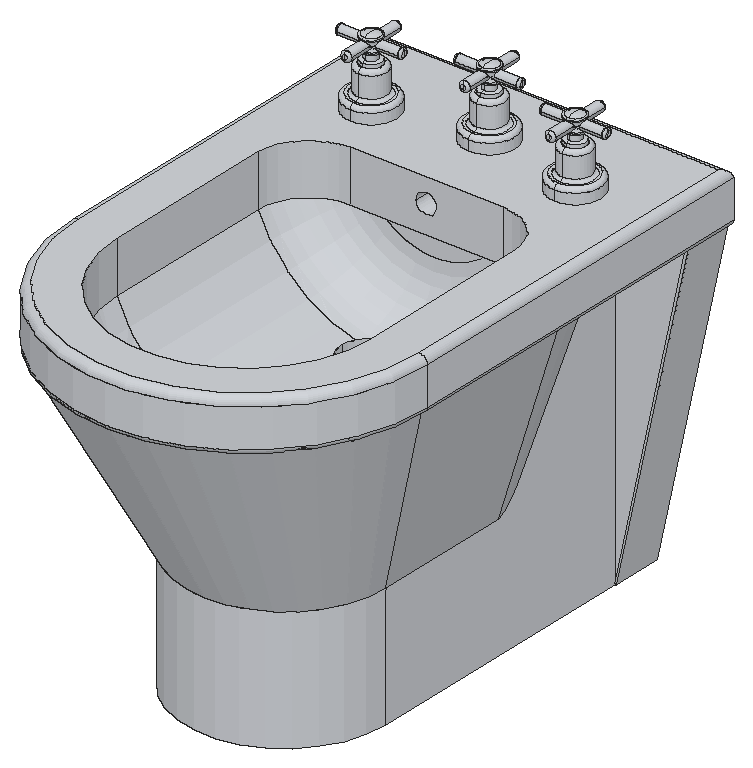
Revit family "Bidê de parede 2", category Peças hidrossanitárias, Revit 2019
Family settings
  Cota do conector redondo = Utilizar diâmetro
  Tipo de parte = Normal
  Número OmniClass = 23.45.00.00
  Título OmniClass = Sanitary, Laundry, and Cleaning Equipment
  Com base no plano de trabalho = Não
  Sempre na vertical = Sim
  Corte com vazios quando carregada = Não
  Compartilhado = Não
  Ponto de cálculo do ambiente = Não
Parameters (values of type "350 x 550 x 370mm")
  Descrição = "Bidê de parede"
  Material do bidê = none
Reference planes
  plane 1 "Centro (Frente/Trás)": y = 0
  plane 2: z = 0
  plane 3 "Centro (Esquerda/Direita)": x = 0
  plane 4: x = -175
  plane 5: x = 175
  plane 6: y = -550
  plane 7: z = 370
  plane 8: z = 60
  plane 9: z = 140
  plane 10: y = -380
  plane 11: x = -125
  plane 12: x = 125
  plane 13: y = -220
  plane 14: y = -500
  plane 15: z = 319.834
  plane 16: y = -50
Forms (mm)
  Extrusion 1, void
    sketch origin (0, 0, 0) x (1, 0, 0) y (0, 1, 0)
      loop
        circle (0, -220) r 32.5
    from -71.014 to 612.06
  Extrusion 2, void
    sketch origin (0, 0, 0) x (1, 0, 0) y (0, 0, 1)
      loop
        circle (0, 346.912) r 10
    from 0 to 250
  Extrusion 3, solid, material <- "Material do bidê"
    sketch origin (-452.107, -1524, 370) x (-1, 0, 0) y (0, -1, 0)
      loop
        line (-277.107, -1524) -> (-277.107, -1149.16)
        arc (-277.107, -1149.16) -> (-452.107, -974.16) -> (-627.107, -1149.16) r 175
        line (-627.107, -1149.16) -> (-627.107, -1524) -> (-277.107, -1524)
      loop
        arc (-377.107, -1366.884) -> (-341.752, -1352.24) -> (-327.107, -1316.884) r 50
        line (-327.107, -1316.884) -> (-327.107, -1144.084)
        arc (-327.107, -1144.084) -> (-452.107, -1019.084) -> (-577.107, -1144.084) r 125
        line (-577.107, -1144.084) -> (-577.107, -1316.884)
        arc (-577.107, -1316.884) -> (-562.462, -1352.24) -> (-527.107, -1366.884) r 50
        line (-527.107, -1366.884) -> (-377.107, -1366.884)
    from -50.166 to 0
  Extrusion 4, solid, material <- "Material do bidê"
    sketch origin (0, 0, 0) x (1, 0, 0) y (0, 1, 0)
      loop
        line (-98.636, -50) -> (-98.636, -330.034)
        arc (-98.636, -330.034) -> (0, -428.669) -> (98.636, -330.034) r 98.636
        line (98.636, -330.034) -> (98.636, -50) -> (-98.636, -50)
    from 0 to 319.834
  Revolve 5, void
    sketch origin (-452.107, -1524, 370) x (-1, 0, 0) y (0, -1, 0)
      loop
        arc (-317.107, -1144.084) -> (-356.648, -1048.625) -> (-452.107, -1009.084) r 135
        line (-452.107, -1009.084) -> (-452.107, -1376.884) -> (-377.107, -1376.884)
        arc (-377.107, -1376.884) -> (-334.681, -1359.311) -> (-317.107, -1316.884) r 60
        line (-317.107, -1316.884) -> (-317.107, -1144.084)
      axis (-452.107, -1009.084) -> (-452.107, -1376.884)
    angle from 0 to 360
  Sweep 6, void
    path origin (-452.107, -1524, 370) x (-1, 0, 0) y (0, -1, 0)
      loop
        line (-277.107, -1524) -> (-277.107, -1149.16)
        arc (-277.107, -1149.16) -> (-452.107, -974.16) -> (-627.107, -1149.16) r 175
        line (-627.107, -1149.16) -> (-627.107, -1524) -> (-277.107, -1524)
    profile origin (-175, -187.42, 370) x (1, 0, 0) y (0, 0, 1)
      loop
        line (10, 0) -> (10, 7.032) -> (-5, 7.032) -> (-5, -12.975) -> (0, -12.975) -> (0, -8)
        arc (0, -8) -> (2.343, -2.343) -> (8, 0) r 8
        line (8, 0) -> (10, 0)
  Blend 7, solid, material <- "Material do bidê"
    base sketch origin (-452.107, -1524, 370) x (-1, 0, 0) y (0, -1, 0)
      loop
        arc (-282.107, -1148.786) -> (-452.107, -978.786) -> (-622.107, -1148.786) r 170
        line (-622.107, -1148.786) -> (-622.107, -1316.884)
        arc (-622.107, -1316.884) -> (-594.282, -1384.059) -> (-527.107, -1411.884) r 95
        line (-527.107, -1411.884) -> (-377.107, -1411.884)
        arc (-377.107, -1411.884) -> (-309.932, -1384.059) -> (-282.107, -1316.884) r 95
        line (-282.107, -1316.884) -> (-282.107, -1148.786)
    top sketch origin (-452.107, -1524, 370) x (-1, 0, 0) y (0, -1, 0)
      loop
        arc (-388.471, -1366.884) -> (-363.723, -1356.633) -> (-353.471, -1331.884) r 35
        line (-353.471, -1331.884) -> (-353.471, -1193.966)
        arc (-353.471, -1193.966) -> (-452.107, -1095.331) -> (-550.743, -1193.966) r 98.636
        line (-550.743, -1193.966) -> (-550.743, -1331.884)
        arc (-550.743, -1331.884) -> (-540.491, -1356.633) -> (-515.743, -1366.884) r 35
        line (-515.743, -1366.884) -> (-388.471, -1366.884)
    from -50.166 to -250
  Sweep 8, void
    path origin (0, 171.53, 319.834) x (0, 1, 0) y (-1, 0, 0)
      loop
        line (-171.53, 175) -> (-546.37, 175)
        arc (-546.37, 175) -> (-721.37, 0) -> (-546.37, -175) r 175
        line (-546.37, -175) -> (-171.53, -175)
    profile origin (-175, -187.42, 319.834) x (1, 0, 0) y (0, 0, 1)
      loop
        line (0, 4.776) -> (0, 6.632) -> (-2.864, 6.632) -> (-2.864, -2.187) -> (6.196, -2.187) -> (6.196, 0) -> (5, 0) -> (3.319, 0.45)
        arc (3.319, 0.45) -> (0.925, 2.05) -> (0, 4.776) r 4.479
  Extrusion 9, solid, material <- "Material do bidê"
    sketch origin (0, 0, 0) x (1, 0, 0) y (0, 0, 1)
      loop
        line (-100, 0) -> (100, 0) -> (170, 319.834) -> (-170, 319.834) -> (-100, 0)
    from 0 to 50
  Sweep 10, void
    path in 3D
      loop
        line (-170, -50, 319.834) -> (-99.848, -50, -0.695)
    profile origin (-134.924, -50, 159.57) x (0.976877, 0, 0.213803) y (0, -1, 0)
      loop
        line (1.397, 0) -> (2.928, 0) -> (2.928, 2.143) -> (-2.17, 2.143) -> (-2.17, -2.499) -> (0, -2.499) -> (0, -1.397)
        arc (0, -1.397) -> (0.409, -0.409) -> (1.397, 0) r 1.397
  Sweep 11, void
    path in 3D
      loop
        line (170, -50, 319.834) -> (99.445, -50, -2.535)
    profile origin (134.723, -50, 158.649) x (0.976877, 0, -0.213803) y (0, -1, 0)
      loop
        arc (-1.397, 0) -> (-0.409, -0.409) -> (0, -1.397) r 1.397
        line (0, -1.397) -> (0, -2.499) -> (2.17, -2.499) -> (2.17, 2.143) -> (-2.928, 2.143) -> (-2.928, 0) -> (-1.397, 0)
Cuts and joins
  Extrusion 2, Sweep 6, Sweep 8 cuts Extrusion 3
  Extrusion 1, Revolve 5 cuts Extrusion 4
  Extrusion 1, Revolve 5, Sweep 10, Sweep 11 cuts Blend 7
  joined: Extrusion 4, Blend 7
  Sweep 10, Sweep 11 cuts Extrusion 9
Lines and regions (mm)
  Masking region 1
    outline origin (0, 0, 0) x (1, 0, 0) y (0, 1, 0)
      loop
        arc (-175, -375.103) -> (0, -550.103) -> (175, -375.103) r 175
        line (175, -375.103) -> (175, 0) -> (-175, 0) -> (-175, -375.103)
  Masking region 2
    outline origin (0, 0, 0) x (1, 0, 0) y (0, 0, 1)
      loop
        arc (-169.412, 370) -> (-173.233, 368.226) -> (-174.342, 364.162) r 5
        line (-174.342, 364.162) -> (-165.706, 313.369) -> (-90.501, 33.329)
        arc (-90.501, 33.329) -> (-74.425, 9.291) -> (-47.041, 0) r 45
        line (-47.041, 0) -> (47.041, 0)
        arc (47.041, 0) -> (74.425, 9.291) -> (90.501, 33.329) r 45
        line (90.501, 33.329) -> (165.706, 313.369) -> (174.342, 364.162)
        arc (174.342, 364.162) -> (173.233, 368.226) -> (169.412, 370) r 5
        line (169.412, 370) -> (-169.412, 370)
  Masking region 3
    outline origin (0, 0, 0) x (0, 1, 0) y (0, 0, 1)
      loop
        line (0, 370) -> (-543.942, 370)
        arc (-543.942, 370) -> (-548.945, 367.312) -> (-549.465, 361.656) r 6
        line (-549.465, 361.656) -> (-531.913, 320.306) -> (-517.938, 308.531) -> (-397.726, 176.964)
        arc (-397.726, 176.964) -> (-388.869, 163.921) -> (-384.076, 148.901) r 55
        line (-384.076, 148.901) -> (-369.708, 62.632)
        arc (-369.708, 62.632) -> (-345.909, 20.723) -> (-300.659, 4.132) r 70
        line (-300.659, 4.132) -> (-261.112, 4.132)
        arc (-261.112, 4.132) -> (-259.148, 7.24) -> (-255.665, 8.416) r 5.5
        line (-255.665, 8.416) -> (-90.215, 5.911) -> (-90.215, 1.739) -> (0, 0.373) -> (0, 370)
  symbolic lines, style "Bidê"
    curve 1: line (-175, 0, 0) -> (175, 0, 0)
    curve 2: line (175, 0, 0) -> (175, -375.103, 0)
    curve 3: line (-175, -375.103, 0) -> (-175, 0, 0)
    curve 4: arc (175, -375.103, 0) -> (0, -550.103, 0) -> (-175, -375.103, 0) r 175
    curve 5: line (-125, -379.916, 0) -> (-125, -207.116, 0)
    curve 6: line (125, -207.116, 0) -> (125, -379.916, 0)
    curve 7: line (-75, -157.116, 0) -> (75, -157.116, 0)
    curve 8: arc (-125, -207.116, 0) -> (-110.355, -171.76, 0) -> (-75, -157.116, 0) r 50
    curve 9: arc (75, -157.116, 0) -> (110.355, -171.76, 0) -> (125, -207.116, 0) r 50
    curve 10: arc (125, -379.916, 0) -> (0, -504.916, 0) -> (-125, -379.916, 0) r 125
    curve 12: line (169.412, 0, 370) -> (-169.412, 0, 370)
    curve 13: line (0, 0, 370) -> (0, 0, 0)
    curve 14: line (0, 0, 0) -> (0, -504.136, 0)
    curve 15: line (0, -543.942, 370) -> (0, 0, 370)
    curve 21: line (-174.342, 0, 364.162) -> (-165.706, 0, 313.369)
    curve 22: line (-165.706, 0, 313.369) -> (-90.501, 0, 33.329)
    curve 23: arc (-90.501, 0, 33.329) -> (-74.425, 0, 9.291) -> (-47.041, 0, 0) r 45
    curve 24: arc (47.041, 0, 0) -> (74.425, 0, 9.291) -> (90.501, 0, 33.329) r 45
    curve 25: line (90.501, 0, 33.329) -> (165.706, 0, 313.369)
    curve 26: line (165.706, 0, 313.369) -> (174.342, 0, 364.162)
    curve 27: arc (174.342, 0, 364.162) -> (173.233, 0, 368.226) -> (169.412, 0, 370) r 5
    curve 28: arc (-169.412, 0, 370) -> (-173.233, 0, 368.226) -> (-174.342, 0, 364.162) r 5
    curve 29: line (-169.412, 0, 370) -> (169.412, 0, 370)
    curve 30: arc (-69.391, 0, 161.067) -> (-72.392, 0, 181.912) -> (-81.995, 0, 200.654) r 64
    curve 31: line (-72.301, 0, 30.669) -> (-69.391, 0, 161.067)
    curve 32: line (-165.706, 0, 313.369) -> (162.261, 0, 313.369)
    curve 33: line (-165.706, 0, 313.369) -> (-81.995, 0, 200.654)
    curve 34: line (-42.308, 0, 0) -> (47.041, 0, 0)
    curve 35: arc (-42.308, 0, 0) -> (-63.757, 0, 9.025) -> (-72.301, 0, 30.669) r 30
    curve 36: arc (69.391, 0, 161.067) -> (72.392, 0, 181.912) -> (81.995, 0, 200.654) r 64
    curve 37: line (72.301, 0, 30.669) -> (69.391, 0, 161.067)
    curve 38: line (165.706, 0, 313.369) -> (81.995, 0, 200.654)
    curve 39: arc (42.308, 0, 0) -> (63.757, 0, 9.025) -> (72.301, 0, 30.669) r 30
    curve 55: arc (0, -35.28, 8.12) -> (0, -37.948, 3.019) -> (0, -43.349, 1.03) r 8
    curve 56: line (0, -35.228, 316.531) -> (0, -35.228, 9.029)
    curve 57: line (0, -531.587, 320.031) -> (0, -38.728, 320.031)
    curve 58: arc (0, -38.728, 320.031) -> (0, -36.254, 319.006) -> (0, -35.228, 316.531) r 3.5
    curve 81: line (0, -517.938, 308.535) -> (0, -397.725, 176.964)
    curve 82: arc (0, -397.725, 176.964) -> (0, -388.869, 163.92) -> (0, -384.076, 148.901) r 55
    curve 83: line (0, -384.076, 148.901) -> (0, -369.708, 62.632)
    curve 84: arc (0, -369.708, 62.632) -> (0, -345.909, 20.723) -> (0, -300.659, 4.132) r 70
    curve 85: line (0, -300.659, 4.132) -> (0, -261.112, 4.132)
    curve 86: line (0, -255.665, 8.416) -> (0, -90.215, 5.911)
    curve 87: arc (0, -261.112, 4.132) -> (0, -259.148, 7.24) -> (0, -255.665, 8.416) r 5.5
    curve 88: line (0, -90.215, 1.739) -> (0, 0, 0.373)
    curve 89: line (0, -90.215, 5.911) -> (0, -90.215, 1.739)
    curve 90: line (0, -531.913, 320.306) -> (0, -517.938, 308.535)
    curve 91: line (0, -549.465, 361.656) -> (0, -531.913, 320.306)
    curve 92: arc (0, -543.942, 370) -> (0, -548.945, 367.312) -> (0, -549.465, 361.656) r 6
  symbolic lines, style "Bidê", detail levels fine
    curve 11: circle (0, -80, 0) r 17.5 normal (0, 0, 1)
    curve 16: circle (0, -220, 0) r 32.5 normal (0, 0, 1)
    curve 18: circle (0, -380, 0) r 12 normal (0, 0, 1)
    curve 19: circle (99.769, -100, 0) r 17.5 normal (0, 0, -1)
    curve 20: circle (-99.769, -100, 0) r 17.5 normal (0, 0, 1)
    curve 40: line (-81.054, 0, 179.834) -> (-84.232, 0, 37.436)
    curve 41: line (-105.362, 0, 232.117) -> (-142.228, 0, 227.846)
    curve 42: line (-124.241, 0, 257.536) -> (-150.847, 0, 259.941)
    curve 43: arc (-116.979, 0, 247.759) -> (-116.955, 0, 240.04) -> (-109.573, 0, 237.786) r 6.5
    curve 45: arc (-81.054, 0, 179.834) -> (-82.965, 0, 195.715) -> (-89.25, 0, 210.423) r 56.488
    curve 46: circle (-45.389, 0, 188.399) r 10 normal (0, -1, 0)
    curve 47: line (105.362, 0, 232.117) -> (142.228, 0, 227.846)
    curve 48: line (124.241, 0, 257.536) -> (150.847, 0, 259.941)
    curve 49: arc (116.979, 0, 247.759) -> (116.955, 0, 240.04) -> (109.573, 0, 237.786) r 6.5
    curve 50: circle (45.389, 0, 188.399) r 10 normal (0, 1, 0)
    curve 51: line (81.054, 0, 179.834) -> (84.232, 0, 37.436)
    curve 52: arc (81.054, 0, 179.834) -> (82.965, 0, 195.715) -> (89.25, 0, 210.423) r 56.488
    curve 53: arc (-84.232, 0, 37.436) -> (-72.565, 0, 9.764) -> (-44.146, 0, 0.056) r 36.717
    curve 54: arc (84.232, 0, 37.436) -> (72.813, 0, 9.998) -> (44.825, 0, 0) r 36.717
    curve 59: arc (0, -48.786, 236.928) -> (0, -58.757, 249.489) -> (0, -48.943, 262.174) r 13
    curve 60: line (0, -48.943, 262.174) -> (0, -35.316, 265.619)
    curve 61: line (0, -35.316, 233.523) -> (0, -48.786, 236.928)
    curve 62: arc (0, -46.139, 261.881) -> (0, -54.895, 249.617) -> (0, -46.185, 237.321) r 13
    curve 63: line (0, -46.185, 237.321) -> (0, -35.316, 233.523)
    curve 64: line (0, -35.316, 265.619) -> (0, -46.139, 261.881)
    curve 65: line (0, -48.943, 262.174) -> (0, -35.316, 265.619)
    curve 66: line (0, -60.316, 316.334) -> (0, -60.316, 214.666)
    curve 67: arc (0, -60.316, 214.666) -> (0, -58.34, 208.068) -> (0, -53.06, 203.643) r 12
    curve 75: arc (0, -79.27, 207.942) -> (0, -90.303, 201.817) -> (0, -101.336, 207.942) r 13
    curve 76: arc (0, -101.336, 207.942) -> (0, -90.303, 214.067) -> (0, -79.27, 207.942) r 13
    curve 77: arc (0, -100.015, 206.175) -> (0, -90.303, 210.534) -> (0, -80.591, 206.175) r 13
    curve 78: arc (0, -80.872, 320.031) -> (0, -89.74, 298.096) -> (0, -100.473, 319.181) r 13
    curve 80: arc (0, -63.816, 319.834) -> (0, -61.342, 318.809) -> (0, -60.316, 316.334) r 3.5
  symbolic lines, style "Bidê", detail levels medium+fine
    curve 17: circle (0, -220, 0) r 22.5 normal (0, 0, 1)
    curve 44: circle (0, 0, 110.113) r 20.01 normal (0, -1, 0)
    curve 68: arc (0, -44.613, 191.495) -> (0, -47.1, 198.776) -> (0, -53.06, 203.643) r 14
    curve 69: line (0, -35.28, 8.12) -> (0, -44.613, 191.495)
    curve 70: line (0, -116.902, 200.352) -> (0, -53.06, 203.643)
    curve 71: arc (0, -130.012, 213.753) -> (0, -126.481, 204.094) -> (0, -116.902, 200.352) r 12.5
    curve 72: line (0, -123.396, 303.619) -> (0, -131.463, 194.048)
    curve 73: arc (0, -131.463, 194.048) -> (0, -136.908, 182.602) -> (0, -148.651, 177.835) r 17.5
    curve 74: line (0, -148.651, 177.835) -> (0, -395.285, 174.102)
    curve 79: arc (0, -105.943, 319.834) -> (0, -117.854, 315.155) -> (0, -123.396, 303.619) r 17.5
  sketch lines
    curve 93: line (-170, -50, 319.834) -> (-99.848, -50, -0.695)
    curve 94: line (170, -50, 319.834) -> (99.445, -50, -2.535)
Dimensions and locks
  locked: plane 6 to plane 1 "Centro (Frente/Trás)" at 550
  equal spacing: plane 4, plane 3 "Centro (Esquerda/Direita)", plane 5
  locked: plane 4 to plane 5 at 350
  locked: plane 7 to plane 2 at 370
  equal spacing: plane 11, plane 3 "Centro (Esquerda/Direita)", plane 12
  locked: plane 11 to plane 12 at 250
  plane 13 to plane 1 "Centro (Frente/Trás)" = 220 mm
  locked: plane 7 to plane 15 at 50.166
  plane 1 "Centro (Frente/Trás)" to plane 16 = 50 mm
  aligned and locked: level to plane 2
  aligned and locked: plane 3 "Centro (Esquerda/Direita)" to curve 11
  aligned and locked: plane 3 "Centro (Esquerda/Direita)" to curve 16
  aligned and locked: Extrusion 1 sketch curve to curve 16
  aligned and locked: plane 4 to curve 3
  aligned and locked: plane 1 "Centro (Frente/Trás)" to curve 1
  aligned and locked: plane 5 to curve 2
  aligned and locked: curve 5 to plane 11
  aligned and locked: plane 7 to curve 12  (x2)
  aligned and locked: plane 1 "Centro (Frente/Trás)" to Masking region 1 sketch curve
  aligned and locked: plane 4 to Masking region 1 sketch curve
  aligned and locked: plane 5 to Masking region 1 sketch curve
  aligned and locked: Masking region 2 sketch curve to plane 7
  aligned and locked: plane 7 to Masking region 3 sketch curve
  aligned and locked: Masking region 3 sketch curve to plane 1 "Centro (Frente/Trás)"
  aligned and locked: plane 13 to curve 17
  aligned and locked: plane 13 to curve 16
  aligned and locked: plane 7 to Extrusion 3
  aligned and locked: Extrusion 3 to plane 15
  aligned and locked: plane 15 to Blend 7
  aligned and locked: Sweep 8 sketch curve to plane 4  (x2)
  aligned and locked: Sweep 8 sketch curve to cut or joined group of Extrusion 2, Extrusion 3, Sweep 6, Sweep 8
  aligned and locked: Sweep 8 sketch curve to plane 15
  aligned and locked: nested 3 to Extrusion 4
  aligned and locked: plane 16 to Extrusion 9
Automatic sketch dimensions
  plane 10 to Masking region 1 sketch curve = 4.897 mm
  curve 15 to plane 7 = 0 mm
  curve 14 to level = 0 mm
  curve 15 to plane 1 "Centro (Frente/Trás)" = 0 mm
  curve 88 to plane 1 "Centro (Frente/Trás)" = 0 mm
  curve 56 to plane 16 = 14.772 mm  (x2)
  curve 56 to plane 15 = 3.303 mm
  curve 69 to curve 56 = 0.052 mm
  curve 60 to plane 16 = 14.684 mm
  curve 63 to plane 16 = 14.684 mm
  curve 58 to curve 56 = 3.5 mm
  plane 15 to curve 57 = 0.197 mm
  curve 57 to curve 58 = 0 mm
  curve 62 to plane 16 = 8.105 mm
  curve 55 to plane 16 = 6.772 mm
  level to curve 55 = 1.03 mm
  curve 55 to plane 16 = 6.651 mm
  curve 69 to plane 16 = 5.387 mm
  curve 59 to curve 62 = 3.862 mm
  curve 64 to plane 16 = 3.861 mm
  curve 62 to plane 16 = 3.815 mm
  curve 67 to plane 16 = 1.684 mm
  curve 61 to plane 16 = 1.214 mm
  curve 59 to plane 16 = 1.057 mm
  plane 16 to curve 67 = 3.06 mm
  curve 68 to curve 67 = 0 mm
  curve 70 to curve 68 = 0 mm
  plane 16 to curve 68 = 8.594 mm
  plane 16 to curve 67 = 10.316 mm
  curve 66 to plane 15 = 3.5 mm
  plane 16 to curve 66 = 10.316 mm
  curve 80 to curve 66 = 3.5 mm
  plane 15 to curve 80 = 0 mm
  curve 80 to curve 80 = 0 mm
  curve 75 to curve 66 = 18.953 mm
  curve 77 to curve 76 = 1.321 mm
  curve 78 to curve 80 = 17.055 mm
  level to curve 89 = 1.739 mm
  plane 16 to curve 89 = 40.215 mm
  curve 76 to curve 77 = 9.712 mm
  curve 75 to curve 76 = 11.033 mm
  curve 78 to curve 78 = 9.431 mm
  curve 77 to curve 76 = 0 mm
  curve 78 to plane 15 = 0.653 mm
  curve 78 to curve 78 = 10.17 mm
  plane 15 to curve 79 = 0 mm
  curve 79 to curve 78 = 5.47 mm
  curve 79 to curve 79 = 0 mm
  curve 71 to curve 76 = 15.566 mm
  curve 71 to curve 71 = 0.644 mm
  curve 72 to plane 15 = 16.215 mm
  curve 72 to curve 79 = 17.453 mm
  curve 71 to curve 71 = 12.466 mm
  curve 72 to curve 71 = 14.561 mm
  curve 74 to curve 73 = 17.188 mm
  curve 73 to curve 73 = 17.453 mm
  level to curve 87 = 8.416 mm
  curve 87 to plane 13 = 35.665 mm
  curve 87 to curve 86 = 0.083 mm
  level to curve 85 = 4.132 mm
  curve 85 to curve 87 = 5.364 mm
  level to curve 84 = 4.132 mm
  curve 84 to curve 85 = 39.548 mm
  plane 8 to curve 84 = 14.132 mm
  curve 84 to curve 84 = 0 mm
  plane 8 to curve 84 = 2.632 mm
  curve 83 to plane 10 = 4.076 mm
  curve 74 to plane 10 = 15.285 mm
  curve 82 to curve 74 = 2.44 mm
  curve 82 to plane 9 = 0.135 mm
  curve 82 to curve 74 = 43.044 mm
  curve 14 to plane 14 = 4.136 mm
  curve 90 to plane 14 = 17.938 mm
  curve 57 to curve 81 = 13.648 mm
  plane 15 to curve 90 = 0.472 mm
  curve 90 to curve 57 = 0.326 mm
  plane 6 to curve 92 = 6.058 mm
  plane 6 to curve 92 = 0.535 mm
  level to curve 88 = 0.373 mm
  curve 88 to curve 89 = 4.173 mm
  level to curve 69 = 8.12 mm
  curve 55 to curve 56 = 0.909 mm
  plane 9 to curve 82 = 8.901 mm
  plane 9 to curve 73 = 37.835 mm
  plane 9 to curve 68 = 50.784 mm
  curve 74 to curve 72 = 16.213 mm
  curve 68 to curve 77 = 6.75 mm
  curve 72 to curve 70 = 6.305 mm
  curve 77 to curve 76 = 3.534 mm
  curve 68 to curve 70 = 0 mm
  curve 76 to curve 77 = 5.108 mm
  curve 77 to curve 76 = 1.767 mm
  curve 71 to curve 71 = 12.483 mm
  curve 66 to curve 67 = 0 mm
  curve 67 to curve 61 = 18.857 mm
  curve 61 to curve 59 = 3.406 mm
  curve 59 to curve 63 = 0.393 mm
  curve 62 to curve 59 = 12.249 mm
  curve 59 to curve 62 = 0.023 mm
  curve 62 to curve 65 = 3.738 mm
  curve 91 to plane 7 = 8.344 mm
  curve 23 to level = 0 mm
  curve 34 to level = 0 mm
  plane 4 to curve 21 = 0.658 mm
  plane 4 to curve 28 = 5.588 mm
  plane 4 to curve 22 = 9.294 mm
  plane 4 to curve 42 = 24.153 mm
  plane 11 to curve 41 = 17.228 mm
  plane 11 to curve 45 = 12.528 mm
  plane 11 to curve 30 = 8.375 mm
  curve 42 to plane 11 = 0.759 mm
  curve 43 to plane 11 = 8.021 mm
  curve 43 to curve 43 = 5.242 mm
  curve 43 to curve 43 = 2.164 mm
  curve 43 to curve 41 = 4.211 mm
  curve 22 to plane 11 = 34.499 mm
  curve 41 to curve 45 = 16.112 mm
  curve 40 to plane 8 = 22.564 mm
  curve 23 to curve 40 = 6.27 mm
  curve 45 to curve 30 = 7.255 mm
  curve 30 to curve 45 = 0.941 mm
  curve 53 to curve 35 = 11.931 mm
  curve 45 to curve 30 = 11.663 mm
  curve 53 to plane 8 = 23.383 mm
  curve 35 to curve 53 = 24.777 mm
  curve 53 to curve 23 = 0.483 mm
  curve 30 to curve 46 = 24.003 mm
  level to curve 53 = 0.056 mm
  curve 53 to curve 35 = 5.216 mm
  plane 3 "Centro (Esquerda/Direita)" to curve 44 = 0 mm
  plane 3 "Centro (Esquerda/Direita)" to curve 39 = 42.308 mm
  curve 39 to curve 54 = 2.517 mm
  plane 3 "Centro (Esquerda/Direita)" to curve 50 = 45.389 mm
  curve 54 to curve 34 = 2.216 mm
  curve 24 to curve 54 = 0.483 mm
  plane 9 to curve 36 = 21.067 mm
  curve 50 to curve 36 = 24.003 mm
  curve 54 to curve 39 = 24.777 mm
  curve 37 to curve 52 = 11.663 mm
  curve 51 to curve 38 = 0.941 mm
  curve 37 to curve 54 = 11.931 mm
  curve 36 to curve 52 = 7.255 mm
  curve 25 to plane 8 = 26.671 mm
  curve 54 to curve 25 = 6.27 mm
  curve 47 to plane 12 = 19.638 mm
  curve 47 to curve 49 = 4.211 mm
  curve 49 to curve 49 = 2.164 mm
  curve 49 to curve 49 = 5.242 mm
  curve 48 to plane 12 = 0.759 mm
  plane 12 to curve 36 = 8.375 mm
  plane 12 to curve 52 = 12.528 mm
  plane 12 to curve 47 = 17.228 mm
  plane 5 to curve 48 = 24.153 mm
  plane 5 to curve 32 = 12.739 mm
  curve 32 to curve 26 = 3.445 mm
  plane 5 to curve 27 = 5.588 mm
  plane 5 to curve 27 = 0.658 mm
  curve 39 to curve 24 = 15 mm
  curve 22 to curve 40 = 4.108 mm
  curve 54 to curve 24 = 8.383 mm
  curve 44 to plane 9 = 29.887 mm
  plane 9 to curve 31 = 21.067 mm
  plane 9 to curve 30 = 22.495 mm
  plane 9 to curve 36 = 22.495 mm
  curve 45 to curve 30 = 20.819 mm
  curve 51 to curve 36 = 20.819 mm
  curve 30 to curve 45 = 18.599 mm
  curve 36 to curve 52 = 18.599 mm
  curve 30 to curve 46 = 27.332 mm
  curve 36 to curve 50 = 27.332 mm
  curve 41 to curve 43 = 19.913 mm
  curve 47 to curve 49 = 19.913 mm
  curve 48 to curve 48 = 2.405 mm
  curve 42 to curve 42 = 2.405 mm
  curve 28 to plane 7 = 5.838 mm
  curve 27 to plane 7 = 5.838 mm
  curve 16 to curve 17 = 0 mm
  curve 18 to plane 3 "Centro (Esquerda/Direita)" = 0 mm
  curve 10 to plane 3 "Centro (Esquerda/Direita)" = 0 mm
  curve 18 to plane 10 = 0 mm
  curve 20 to plane 11 = 25.231 mm
  curve 8 to plane 11 = 50 mm
  curve 9 to plane 12 = 50 mm
  curve 19 to plane 12 = 25.231 mm
  plane 10 to curve 10 = 0.084 mm
  plane 10 to curve 4 = 4.897 mm
  plane 13 to curve 8 = 12.884 mm
  plane 16 to curve 19 = 50 mm
  plane 16 to curve 20 = 50 mm
  plane 16 to curve 11 = 30 mm
  Extrusion 2 sketch curve to plane 3 "Centro (Esquerda/Direita)" = 0 mm
  Extrusion 2 sketch curve to plane 7 = 23.088 mm
  Masking region 2 sketch curve to level = 0 mm
  plane 4 to Masking region 2 sketch curve = 0.658 mm
  Masking region 2 sketch curve to Masking region 2 sketch curve = 4.929 mm
  plane 4 to Masking region 2 sketch curve = 9.294 mm
  Masking region 2 sketch curve to plane 11 = 34.499 mm
  Masking region 2 sketch curve to plane 3 "Centro (Esquerda/Direita)" = 47.041 mm
  Masking region 2 sketch curve to plane 8 = 15 mm
  plane 3 "Centro (Esquerda/Direita)" to Masking region 2 sketch curve = 47.041 mm
  Masking region 2 sketch curve to plane 8 = 26.671 mm
  plane 5 to Masking region 2 sketch curve = 9.294 mm
  plane 5 to Masking region 2 sketch curve = 5.588 mm
  plane 5 to Masking region 2 sketch curve = 0.658 mm
  level to Masking region 2 sketch curve = 33.329 mm
  Masking region 2 sketch curve to plane 15 = 6.465 mm  (x2)
  Masking region 2 sketch curve to plane 7 = 5.838 mm  (x2)
  level to Masking region 3 sketch curve = 5.911 mm
  plane 16 to Masking region 3 sketch curve = 40.215 mm
  level to Masking region 3 sketch curve = 8.416 mm
  Masking region 3 sketch curve to plane 13 = 35.665 mm
  Masking region 3 sketch curve to Masking region 3 sketch curve = 0.083 mm
  level to Masking region 3 sketch curve = 4.132 mm  (x2)
  Masking region 3 sketch curve to Masking region 3 sketch curve = 5.364 mm
  Masking region 3 sketch curve to Masking region 3 sketch curve = 39.548 mm
  plane 8 to Masking region 3 sketch curve = 14.132 mm
  Masking region 3 sketch curve to Masking region 3 sketch curve = 0 mm
  plane 8 to Masking region 3 sketch curve = 2.632 mm
  Masking region 3 sketch curve to plane 10 = 4.076 mm
  Masking region 3 sketch curve to plane 10 = 17.726 mm
  Masking region 3 sketch curve to plane 9 = 0.135 mm
  Masking region 3 sketch curve to Masking region 3 sketch curve = 40.603 mm
  Masking region 3 sketch curve to plane 14 = 17.938 mm
  plane 15 to Masking region 3 sketch curve = 0.472 mm
  plane 6 to Masking region 3 sketch curve = 18.087 mm
  plane 6 to Masking region 3 sketch curve = 6.058 mm
  plane 6 to Masking region 3 sketch curve = 0.535 mm
  level to Masking region 3 sketch curve = 1.739 mm
  level to Masking region 3 sketch curve = 0.373 mm
  plane 9 to Masking region 3 sketch curve = 8.901 mm
  Masking region 3 sketch curve to plane 15 = 11.303 mm
  Masking region 3 sketch curve to plane 7 = 8.344 mm
  plane 1 "Centro (Frente/Trás)" to Extrusion 3 sketch curve = 0 mm
  Extrusion 3 sketch curve to plane 5 = 0 mm
  Extrusion 3 sketch curve to plane 12 = 0 mm
  Extrusion 3 sketch curve to plane 3 "Centro (Esquerda/Direita)" = 0 mm  (x2)
  plane 13 to Extrusion 3 sketch curve = 12.884 mm
  Extrusion 3 sketch curve to plane 12 = 50 mm
  Extrusion 3 sketch curve to plane 11 = 50 mm
  plane 10 to Extrusion 3 sketch curve = 5.16 mm
  plane 10 to Extrusion 3 sketch curve = 0.084 mm
  plane 16 to Extrusion 4 sketch curve = 0 mm
  plane 3 "Centro (Esquerda/Direita)" to Extrusion 4 sketch curve = 0 mm
  Extrusion 4 sketch curve to plane 11 = 26.364 mm
  plane 10 to Extrusion 4 sketch curve = 49.966 mm
  Revolve 5 sketch curve to plane 3 "Centro (Esquerda/Direita)" = 0 mm  (x2)
  Revolve 5 sketch curve to plane 11 = 50 mm
  plane 11 to Revolve 5 sketch curve = 10 mm
  Revolve 5 sketch curve to plane 1 "Centro (Frente/Trás)" = 1462.695 mm
  plane 13 to Revolve 5 sketch curve = 72.884 mm
  plane 10 to Revolve 5 sketch curve = 0.084 mm
  Revolve 5 sketch curve to plane 6 = 672.545 mm
  plane 1 "Centro (Frente/Trás)" to Sweep 6 sketch curve = 0 mm
  Sweep 6 sketch curve to plane 5 = 0 mm
  Sweep 6 sketch curve to plane 3 "Centro (Esquerda/Direita)" = 0 mm
  plane 10 to Sweep 6 sketch curve = 5.16 mm
  profile plane to Sweep 6 sketch curve = 0 mm
  Sweep 6 sketch curve to plane 7 = 0 mm
  profile plane to Sweep 6 sketch curve = 5 mm
  Sweep 6 sketch curve to profile plane = 8 mm
  Sweep 6 sketch curve to Sweep 6 sketch curve = 2 mm
  Sweep 6 sketch curve to Sweep 6 sketch curve = 4.975 mm
  plane 7 to Sweep 6 sketch curve = 7.032 mm
  Blend 7 sketch curve to plane 3 "Centro (Esquerda/Direita)" = 0 mm  (x2)
  Blend 7 sketch curve to plane 12 = 50 mm
  plane 5 to Blend 7 sketch curve = 5 mm
  Blend 7 sketch curve to plane 11 = 50 mm
  plane 16 to Blend 7 sketch curve = 62.116 mm
  plane 10 to Blend 7 sketch curve = 4.786 mm
  plane 1 "Centro (Frente/Trás)" to Sweep 8 sketch curve = 0 mm  (x2)
  profile plane to Sweep 8 sketch curve = 2.864 mm
  plane 15 to Sweep 8 sketch curve = 0.45 mm
  Sweep 8 sketch curve to profile plane = 3.319 mm
  Sweep 8 sketch curve to profile plane = 4.479 mm
  Sweep 8 sketch curve to Sweep 8 sketch curve = 1.681 mm
  Sweep 8 sketch curve to Sweep 8 sketch curve = 1.196 mm
  Sweep 8 sketch curve to plane 15 = 2.187 mm
  Sweep 8 sketch curve to Sweep 8 sketch curve = 1.856 mm
  Extrusion 9 sketch curve to plane 15 = 0 mm
  Extrusion 9 sketch curve to level = 0 mm
  plane 4 to Extrusion 9 sketch curve = 5 mm
  Extrusion 9 sketch curve to plane 11 = 25 mm
  Extrusion 9 sketch curve to plane 12 = 25 mm
  plane 5 to Extrusion 9 sketch curve = 5 mm
  Sweep 10 sketch curve to profile plane = 0 mm  (x2)
  profile plane to Sweep 10 sketch curve = 2.17 mm
  Sweep 10 sketch curve to profile plane = 1.397 mm
  Sweep 10 sketch curve to Sweep 10 sketch curve = 1.531 mm
  Sweep 10 sketch curve to Sweep 10 sketch curve = 1.103 mm
  profile plane to Sweep 10 sketch curve = 2.143 mm
  Sweep 11 sketch curve to profile plane = 0 mm  (x2)
  profile plane to Sweep 11 sketch curve = 1.397 mm
  Sweep 11 sketch curve to Sweep 11 sketch curve = 1.531 mm
  Sweep 11 sketch curve to Sweep 11 sketch curve = 2.17 mm
  Sweep 11 sketch curve to Sweep 11 sketch curve = 1.103 mm
  profile plane to Sweep 11 sketch curve = 2.143 mm
  Blend 7 sketch curve to plane 12 = 61.364 mm
  Blend 7 sketch curve to plane 12 = 26.364 mm
  Blend 7 sketch curve to Blend 7 sketch curve = 35 mm
  plane 13 to Blend 7 sketch curve = 62.884 mm
  plane 10 to Blend 7 sketch curve = 49.966 mm
  radius of curve 44 = 20.01 mm
  radius of curve 46 = 10 mm
  radius of curve 50 = 10 mm
  radius of curve 11 = 17.5 mm
  radius of curve 16 = 32.5 mm
  radius of curve 17 = 22.5 mm
  radius of curve 18 = 12 mm
  radius of curve 19 = 17.5 mm
  radius of curve 20 = 17.5 mm
  radius of Extrusion 2 sketch curve = 10 mm
Nested families
  nested 1: "Torneira 1" at (-100, -100, 370) x (0, 1, 0) z (0, 0, 1), type "Torneira 1", detail levels fine
  nested 2: "Torneira 1" at (100, -100, 370) x (0, 1, 0) z (0, 0, 1), type "Torneira 1", detail levels fine
  nested 3: "Torneira 1" at (0, -80, 370) x (0, 1, 0) z (0, 0, 1), type "Torneira 1", detail levels fine
Definition of nested family "Torneira 1"
  Parameters
    Material da torneira = none
    Default Elevation = 1219.2 mm
  Reference planes
    plane 1 "Centro (Frente/Trás)": y = 0
    plane 2: z = 0
    plane 3 "Centro (Esquerda/Direita)": x = 0
  Forms (mm)
    Extrusion 1, solid
      sketch origin (0, 0, 0) x (1, 0, 0) y (0, 1, 0)
        loop
          line (-95, 100) -> (-95, -57.6) -> (44.803, -57.6) -> (44.803, 100) -> (-95, 100)
      from 0 to -50
    Extrusion 2, solid, material <- "Material da torneira"
      sketch origin (0, 0, 0) x (1, 0, 0) y (0, 1, 0)
        loop
          circle (0, 0) r 25
      from 0 to 10
    Revolve 3, solid, material <- "Material da torneira"
      sketch origin (0, 0, 0) x (1, 0, 0) y (0, 0, 1)
        loop
          arc (25, 10) -> (23.828, 12.828) -> (21, 14) r 4
          line (21, 14) -> (0, 14) -> (0, 10) -> (25, 10)
        axis (0, 10) -> (0, 14)
      angle from 0 to 360
    Revolve 4, solid, material <- "Material da torneira"
      sketch origin (0, 0, 0) x (1, 0, 0) y (0, 0, 1)
        loop
          line (15, 17) -> (0, 17) -> (0, 14) -> (18, 14)
          arc (18, 14) -> (15.879, 14.879) -> (15, 17) r 3
        axis (0, 14) -> (0, 17)
      angle from 0 to 360
    Extrusion 5, solid, material <- "Material da torneira"
      sketch origin (0, 0, 0) x (1, 0, 0) y (0, 1, 0)
        loop
          circle (0, 0) r 15
      from 17 to 37
    Revolve 6, solid, material <- "Material da torneira"
      sketch origin (0, 0, 0) x (1, 0, 0) y (0, 0, 1)
        loop
          arc (15, 37) -> (13.828, 39.828) -> (11, 41) r 4
          line (11, 41) -> (0, 41) -> (0, 37) -> (15, 37)
        axis (0, 37) -> (0, 41)
      angle from 0 to 360
    Extrusion 7, solid, material <- "Material da torneira"
      sketch origin (0, 0, 0) x (1, 0, 0) y (0, 1, 0)
        loop
          circle (0, 0) r 10
      from 41 to 44
    Revolve 8, solid, material <- "Material da torneira"
      sketch origin (0, 0, 0) x (1, 0, 0) y (0, 0, 1)
        loop
          line (6, 45) -> (0, 45) -> (0, 44) -> (10, 44)
          arc (10, 44) -> (8.062, 44.746) -> (6, 45) r 8.5
        axis (0, 44) -> (0, 45)
      angle from 0 to 360
    Extrusion 9, solid, material <- "Material da torneira"
      sketch origin (0, 0, 0) x (1, 0, 0) y (0, 1, 0)
        loop
          circle (0, 0) r 6
      from 45 to 52.5
    Revolve 10, solid, material <- "Material da torneira"
      sketch origin (0, 0, 0) x (1, 0, 0) y (0, 0, 1)
        loop
          line (10, 53.5) -> (0, 53.5) -> (0, 52.5) -> (9, 52.5)
          arc (9, 52.5) -> (9.707, 52.793) -> (10, 53.5) r 1
        axis (0, 52.5) -> (0, 53.5)
      angle from 0 to 360
    Extrusion 11, solid, material <- "Material da torneira"
      sketch origin (0, 0, 0) x (1, 0, 0) y (0, 1, 0)
        loop
          circle (0, 0) r 10
      from 53.5 to 54.5
    Extrusion 12, solid, material <- "Material da torneira"
      sketch origin (0, 0, 0) x (1, 0, 0) y (0, 1, 0)
        loop
          circle (0, 0) r 10
      from 63.945 to 64.945
    Revolve 13, solid, material <- "Material da torneira"
      sketch origin (0, 0, 0) x (1, 0, 0) y (0, 0, 1)
        loop
          line (10, 63.945) -> (0, 63.945) -> (0, 54.5) -> (10, 54.5)
          arc (10, 54.5) -> (8.931, 59.222) -> (10, 63.945) r 10.967
        axis (0, 54.5) -> (0, 63.945)
      angle from 0 to 360
    Revolve 14, solid, material <- "Material da torneira"
      sketch origin (0, 0, 0) x (1, 0, 0) y (0, 0, 1)
        loop
          arc (10, 64.945) -> (9.707, 65.652) -> (9, 65.945) r 1
          line (9, 65.945) -> (0, 65.945) -> (0, 64.945) -> (10, 64.945)
        axis (0, 64.945) -> (0, 65.945)
      angle from 0 to 360
    Revolve 15, solid, material <- "Material da torneira"
      sketch origin (0, 0, 0) x (1, 0, 0) y (0, 0, 1)
        loop
          arc (8, 65.945) -> (4.079, 67.114) -> (0, 67.445) r 19.602
          line (0, 67.445) -> (0, 65.945) -> (8, 65.945)
        axis (0, 65.945) -> (0, 67.445)
      angle from 0 to 360
    Extrusion 16, solid, material <- "Material da torneira"
      sketch origin (0, 0, 0) x (1, 0, 0) y (0, 0, 1)
        loop
          circle (0, 59.222) r 4.722
      from 0 to 30
    Revolve 17, solid, material <- "Material da torneira"
      sketch origin (0, 0, 0) x (0, 1, 0) y (0, 0, 1)
        loop
          arc (-30, 63.945) -> (-31.414, 63.359) -> (-32, 61.945) r 2
          line (-32, 61.945) -> (-32, 59.222) -> (-30, 59.222) -> (-30, 63.945)
        axis (-30, 59.222) -> (-32, 59.222)
      angle from 0 to 360
    Extrusion 18, solid, material <- "Material da torneira"
      sketch origin (0, 0, 0) x (0, 1, 0) y (0, 0, -1)
        loop
          circle (0, -59.222) r 4.722
      from 0 to 30
    Revolve 19, solid, material <- "Material da torneira"
      sketch origin (0, 0, 0) x (1, 0, 0) y (0, 0, -1)
        loop
          line (-30, -63.945) -> (-30, -59.222) -> (-32, -59.222) -> (-32, -61.945)
          arc (-32, -61.945) -> (-31.414, -63.359) -> (-30, -63.945) r 2
        axis (-30, -59.222) -> (-32, -59.222)
      angle from 0 to 360
    Extrusion 20, solid, material <- "Material da torneira"
      sketch origin (0, 0, 0) x (0, 1, 0) y (0, 0, 1)
        loop
          circle (0, 59.222) r 4.722
      from 0 to 30
    Revolve 21, solid, material <- "Material da torneira"
      sketch origin (0, 0, 0) x (-1, 0, 0) y (0, 0, 1)
        loop
          arc (-30, 63.945) -> (-31.414, 63.359) -> (-32, 61.945) r 2
          line (-32, 61.945) -> (-32, 59.222) -> (-30, 59.222) -> (-30, 63.945)
        axis (-30, 59.222) -> (-32, 59.222)
      angle from 0 to 360
    Extrusion 22, solid, material <- "Material da torneira"
      sketch origin (0, 0, 0) x (1, 0, 0) y (0, 0, -1)
        loop
          circle (0, -59.222) r 4.722
      from 0 to 30
    Revolve 23, solid, material <- "Material da torneira"
      sketch origin (0, 0, 0) x (0, -1, 0) y (0, 0, 1)
        loop
          arc (-30, 63.945) -> (-31.414, 63.359) -> (-32, 61.945) r 2
          line (-32, 61.945) -> (-32, 59.222) -> (-30, 59.222) -> (-30, 63.945)
        axis (-30, 59.222) -> (-32, 59.222)
      angle from 0 to 360
  Dimensions and locks
    aligned and locked: plane 2 to Extrusion 1
    aligned and locked: level to Extrusion 1
